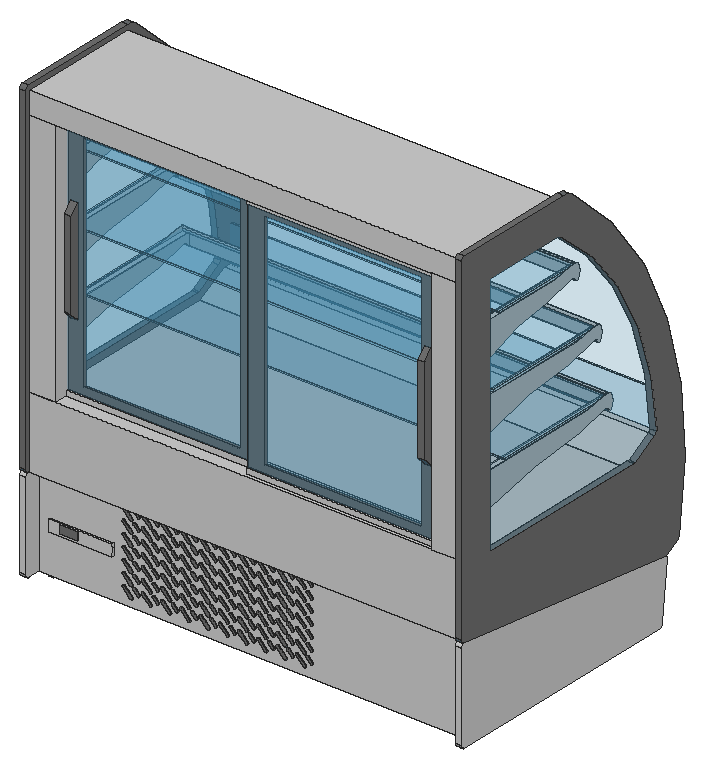
Revit family "QF_INFRICO_VBR12DS_250814114815", category Specialty Equipment, Revit 2021 (continued)
Definition of nested family "QF_INFRICO_VBR12DS_2920"
  Forms (mm)
    Extrusion 68, solid
      sketch origin (1643.376, -765.123, -1.698) x (-1, 0, 0) y (0, 0, 1)
        loop
          line (1112.053, 240.648) -> (1090.133, 218.728)
          arc (1090.133, 218.728) -> (1090.133, 212.364) -> (1096.497, 212.364) r 4.5
        loop
          line (1075.739, 225.335) -> (1087.053, 236.648)
          arc (1087.053, 236.648) -> (1087.053, 243.012) -> (1080.689, 243.012) r 4.5
          line (1080.689, 243.012) -> (1069.376, 231.698)
          arc (1069.376, 231.698) -> (1069.376, 225.335) -> (1075.739, 225.335) r 4.5
        loop
          line (1096.497, 246.364) -> (1118.417, 268.284)
          arc (1118.417, 268.284) -> (1118.417, 274.648) -> (1112.053, 274.648) r 4.5
          line (1112.053, 274.648) -> (1090.133, 252.728)
          arc (1090.133, 252.728) -> (1090.133, 246.364) -> (1096.497, 246.364) r 4.5
        loop
          line (1075.739, 259.335) -> (1087.053, 270.648)
          arc (1087.053, 270.648) -> (1087.053, 277.012) -> (1080.689, 277.012) r 4.5
          line (1080.689, 277.012) -> (1069.376, 265.698)
          arc (1069.376, 265.698) -> (1069.376, 259.335) -> (1075.739, 259.335) r 4.5
        loop
          line (1040.497, 42.364) -> (1062.417, 64.284)
          arc (1062.417, 64.284) -> (1062.417, 70.648) -> (1056.053, 70.648) r 4.5
          line (1056.053, 70.648) -> (1034.133, 48.728)
          arc (1034.133, 48.728) -> (1034.133, 42.364) -> (1040.497, 42.364) r 4.5
        loop
          line (1019.739, 55.335) -> (1031.053, 66.648)
          arc (1031.053, 66.648) -> (1031.053, 73.012) -> (1024.689, 73.012) r 4.5
          line (1024.689, 73.012) -> (1013.376, 61.698)
          arc (1013.376, 61.698) -> (1013.376, 55.335) -> (1019.739, 55.335) r 4.5
        loop
          line (1040.497, 76.364) -> (1062.417, 98.284)
          arc (1062.417, 98.284) -> (1062.417, 104.648) -> (1056.053, 104.648) r 4.5
          line (1056.053, 104.648) -> (1034.133, 82.728)
          arc (1034.133, 82.728) -> (1034.133, 76.364) -> (1040.497, 76.364) r 4.5
        loop
          line (1019.739, 89.335) -> (1031.053, 100.648)
          arc (1031.053, 100.648) -> (1031.053, 107.012) -> (1024.689, 107.012) r 4.5
          line (1024.689, 107.012) -> (1013.376, 95.698)
          arc (1013.376, 95.698) -> (1013.376, 89.335) -> (1019.739, 89.335) r 4.5
        loop
          line (1040.497, 110.364) -> (1062.417, 132.284)
          arc (1062.417, 132.284) -> (1062.417, 138.648) -> (1056.053, 138.648) r 4.5
          line (1056.053, 138.648) -> (1034.133, 116.728)
          arc (1034.133, 116.728) -> (1034.133, 110.364) -> (1040.497, 110.364) r 4.5
        loop
          line (1019.739, 123.335) -> (1031.053, 134.648)
          arc (1031.053, 134.648) -> (1031.053, 141.012) -> (1024.689, 141.012) r 4.5
          line (1024.689, 141.012) -> (1013.376, 129.698)
          arc (1013.376, 129.698) -> (1013.376, 123.335) -> (1019.739, 123.335) r 4.5
        loop
          line (1040.497, 144.364) -> (1062.417, 166.284)
          arc (1062.417, 166.284) -> (1062.417, 172.648) -> (1056.053, 172.648) r 4.5
          line (1056.053, 172.648) -> (1034.133, 150.728)
          arc (1034.133, 150.728) -> (1034.133, 144.364) -> (1040.497, 144.364) r 4.5
        loop
          line (1019.739, 157.335) -> (1031.053, 168.648)
          arc (1031.053, 168.648) -> (1031.053, 175.012) -> (1024.689, 175.012) r 4.5
          line (1024.689, 175.012) -> (1013.376, 163.698)
          arc (1013.376, 163.698) -> (1013.376, 157.335) -> (1019.739, 157.335) r 4.5
        loop
          line (1040.497, 178.364) -> (1062.417, 200.284)
          arc (1062.417, 200.284) -> (1062.417, 206.648) -> (1056.053, 206.648) r 4.5
          line (1056.053, 206.648) -> (1034.133, 184.728)
          arc (1034.133, 184.728) -> (1034.133, 178.364) -> (1040.497, 178.364) r 4.5
        loop
          line (1019.739, 191.335) -> (1031.053, 202.648)
          arc (1031.053, 202.648) -> (1031.053, 209.012) -> (1024.689, 209.012) r 4.5
          line (1024.689, 209.012) -> (1013.376, 197.698)
          arc (1013.376, 197.698) -> (1013.376, 191.335) -> (1019.739, 191.335) r 4.5
        loop
          line (1040.497, 212.364) -> (1062.417, 234.284)
          arc (1062.417, 234.284) -> (1062.417, 240.648) -> (1056.053, 240.648) r 4.5
          line (1056.053, 240.648) -> (1034.133, 218.728)
          arc (1034.133, 218.728) -> (1034.133, 212.364) -> (1040.497, 212.364) r 4.5
        loop
          line (1019.739, 225.335) -> (1031.053, 236.648)
          arc (1031.053, 236.648) -> (1031.053, 243.012) -> (1024.689, 243.012) r 4.5
          line (1024.689, 243.012) -> (1013.376, 231.698)
          arc (1013.376, 231.698) -> (1013.376, 225.335) -> (1019.739, 225.335) r 4.5
        loop
          line (1040.497, 246.364) -> (1062.417, 268.284)
          arc (1062.417, 268.284) -> (1062.417, 274.648) -> (1056.053, 274.648) r 4.5
          line (1056.053, 274.648) -> (1034.133, 252.728)
          arc (1034.133, 252.728) -> (1034.133, 246.364) -> (1040.497, 246.364) r 4.5
        loop
          line (1019.739, 259.335) -> (1031.053, 270.648)
          arc (1031.053, 270.648) -> (1031.053, 277.012) -> (1024.689, 277.012) r 4.5
          line (1024.689, 277.012) -> (1013.376, 265.698)
          arc (1013.376, 265.698) -> (1013.376, 259.335) -> (1019.739, 259.335) r 4.5
        loop
          line (984.497, 42.364) -> (1006.417, 64.284)
          arc (1006.417, 64.284) -> (1006.417, 70.648) -> (1000.053, 70.648) r 4.5
          line (1000.053, 70.648) -> (978.133, 48.728)
          arc (978.133, 48.728) -> (978.133, 42.364) -> (984.497, 42.364) r 4.5
        loop
          line (963.739, 55.335) -> (975.053, 66.648)
          arc (975.053, 66.648) -> (975.053, 73.012) -> (968.689, 73.012) r 4.5
          line (968.689, 73.012) -> (957.376, 61.698)
          arc (957.376, 61.698) -> (957.376, 55.335) -> (963.739, 55.335) r 4.5
        loop
          line (984.497, 76.364) -> (1006.417, 98.284)
          arc (1006.417, 98.284) -> (1006.417, 104.648) -> (1000.053, 104.648) r 4.5
          line (1000.053, 104.648) -> (978.133, 82.728)
          arc (978.133, 82.728) -> (978.133, 76.364) -> (984.497, 76.364) r 4.5
        loop
          line (963.739, 89.335) -> (975.053, 100.648)
          arc (975.053, 100.648) -> (975.053, 107.012) -> (968.689, 107.012) r 4.5
          line (968.689, 107.012) -> (957.376, 95.698)
          arc (957.376, 95.698) -> (957.376, 89.335) -> (963.739, 89.335) r 4.5
        loop
          line (984.497, 110.364) -> (1006.417, 132.284)
          arc (1006.417, 132.284) -> (1006.417, 138.648) -> (1000.053, 138.648) r 4.5
          line (1000.053, 138.648) -> (978.133, 116.728)
          arc (978.133, 116.728) -> (978.133, 110.364) -> (984.497, 110.364) r 4.5
        loop
          line (963.739, 123.335) -> (975.053, 134.648)
          arc (975.053, 134.648) -> (975.053, 141.012) -> (968.689, 141.012) r 4.5
          line (968.689, 141.012) -> (957.376, 129.698)
          arc (957.376, 129.698) -> (957.376, 123.335) -> (963.739, 123.335) r 4.5
        loop
          line (984.497, 144.364) -> (1006.417, 166.284)
          arc (1006.417, 166.284) -> (1006.417, 172.648) -> (1000.053, 172.648) r 4.5
          line (1000.053, 172.648) -> (978.133, 150.728)
          arc (978.133, 150.728) -> (978.133, 144.364) -> (984.497, 144.364) r 4.5
        loop
          line (963.739, 157.335) -> (975.053, 168.648)
          arc (975.053, 168.648) -> (975.053, 175.012) -> (968.689, 175.012) r 4.5
          line (968.689, 175.012) -> (957.376, 163.698)
          arc (957.376, 163.698) -> (957.376, 157.335) -> (963.739, 157.335) r 4.5
        loop
          line (984.497, 178.364) -> (1006.417, 200.284)
          arc (1006.417, 200.284) -> (1006.417, 206.648) -> (1000.053, 206.648) r 4.5
          line (1000.053, 206.648) -> (978.133, 184.728)
          arc (978.133, 184.728) -> (978.133, 178.364) -> (984.497, 178.364) r 4.5
        loop
          line (963.739, 191.335) -> (975.053, 202.648)
          arc (975.053, 202.648) -> (975.053, 209.012) -> (968.689, 209.012) r 4.5
          line (968.689, 209.012) -> (957.376, 197.698)
          arc (957.376, 197.698) -> (957.376, 191.335) -> (963.739, 191.335) r 4.5
        loop
          line (984.497, 212.364) -> (1006.417, 234.284)
          arc (1006.417, 234.284) -> (1006.417, 240.648) -> (1000.053, 240.648) r 4.5
          line (1000.053, 240.648) -> (978.133, 218.728)
          arc (978.133, 218.728) -> (978.133, 212.364) -> (984.497, 212.364) r 4.5
        loop
          line (963.739, 225.335) -> (975.053, 236.648)
          arc (975.053, 236.648) -> (975.053, 243.012) -> (968.689, 243.012) r 4.5
          line (968.689, 243.012) -> (957.376, 231.698)
          arc (957.376, 231.698) -> (957.376, 225.335) -> (963.739, 225.335) r 4.5
        loop
          line (984.497, 246.364) -> (1006.417, 268.284)
          arc (1006.417, 268.284) -> (1006.417, 274.648) -> (1000.053, 274.648) r 4.5
          line (1000.053, 274.648) -> (978.133, 252.728)
          arc (978.133, 252.728) -> (978.133, 246.364) -> (984.497, 246.364) r 4.5
        loop
          line (963.739, 259.335) -> (975.053, 270.648)
          arc (975.053, 270.648) -> (975.053, 277.012) -> (968.689, 277.012) r 4.5
          line (968.689, 277.012) -> (957.376, 265.698)
          arc (957.376, 265.698) -> (957.376, 259.335) -> (963.739, 259.335) r 4.5
        loop
          line (928.497, 42.364) -> (950.417, 64.284)
          arc (950.417, 64.284) -> (950.417, 70.648) -> (944.053, 70.648) r 4.5
          line (944.053, 70.648) -> (922.133, 48.728)
          arc (922.133, 48.728) -> (922.133, 42.364) -> (928.497, 42.364) r 4.5
        loop
          line (907.739, 55.335) -> (919.053, 66.648)
          arc (919.053, 66.648) -> (919.053, 73.012) -> (912.689, 73.012) r 4.5
          line (912.689, 73.012) -> (901.376, 61.698)
          arc (901.376, 61.698) -> (901.376, 55.335) -> (907.739, 55.335) r 4.5
        loop
          line (928.497, 76.364) -> (950.417, 98.284)
          arc (950.417, 98.284) -> (950.417, 104.648) -> (944.053, 104.648) r 4.5
          line (944.053, 104.648) -> (922.133, 82.728)
          arc (922.133, 82.728) -> (922.133, 76.364) -> (928.497, 76.364) r 4.5
        loop
          line (907.739, 89.335) -> (919.053, 100.648)
          arc (919.053, 100.648) -> (919.053, 107.012) -> (912.689, 107.012) r 4.5
          line (912.689, 107.012) -> (901.376, 95.698)
          arc (901.376, 95.698) -> (901.376, 89.335) -> (907.739, 89.335) r 4.5
        loop
          line (928.497, 110.364) -> (950.417, 132.284)
          arc (950.417, 132.284) -> (950.417, 138.648) -> (944.053, 138.648) r 4.5
          line (944.053, 138.648) -> (922.133, 116.728)
          arc (922.133, 116.728) -> (922.133, 110.364) -> (928.497, 110.364) r 4.5
        loop
          line (907.739, 123.335) -> (919.053, 134.648)
          arc (919.053, 134.648) -> (919.053, 141.012) -> (912.689, 141.012) r 4.5
          line (912.689, 141.012) -> (901.376, 129.698)
          arc (901.376, 129.698) -> (901.376, 123.335) -> (907.739, 123.335) r 4.5
        loop
          line (928.497, 144.364) -> (950.417, 166.284)
          arc (950.417, 166.284) -> (950.417, 172.648) -> (944.053, 172.648) r 4.5
          line (944.053, 172.648) -> (922.133, 150.728)
          arc (922.133, 150.728) -> (922.133, 144.364) -> (928.497, 144.364) r 4.5
        loop
          line (907.739, 157.335) -> (919.053, 168.648)
          arc (919.053, 168.648) -> (919.053, 175.012) -> (912.689, 175.012) r 4.5
          line (912.689, 175.012) -> (901.376, 163.698)
          arc (901.376, 163.698) -> (901.376, 157.335) -> (907.739, 157.335) r 4.5
        loop
          line (928.497, 178.364) -> (950.417, 200.284)
          arc (950.417, 200.284) -> (950.417, 206.648) -> (944.053, 206.648) r 4.5
          line (944.053, 206.648) -> (922.133, 184.728)
          arc (922.133, 184.728) -> (922.133, 178.364) -> (928.497, 178.364) r 4.5
        loop
          line (907.739, 191.335) -> (919.053, 202.648)
          arc (919.053, 202.648) -> (919.053, 209.012) -> (912.689, 209.012) r 4.5
          line (912.689, 209.012) -> (901.376, 197.698)
          arc (901.376, 197.698) -> (901.376, 191.335) -> (907.739, 191.335) r 4.5
        loop
          line (928.497, 212.364) -> (950.417, 234.284)
          arc (950.417, 234.284) -> (950.417, 240.648) -> (944.053, 240.648) r 4.5
          line (944.053, 240.648) -> (922.133, 218.728)
          arc (922.133, 218.728) -> (922.133, 212.364) -> (928.497, 212.364) r 4.5
        loop
          line (907.739, 225.335) -> (919.053, 236.648)
          arc (919.053, 236.648) -> (919.053, 243.012) -> (912.689, 243.012) r 4.5
          line (912.689, 243.012) -> (901.376, 231.698)
          arc (901.376, 231.698) -> (901.376, 225.335) -> (907.739, 225.335) r 4.5
        loop
          line (928.497, 246.364) -> (950.417, 268.284)
          arc (950.417, 268.284) -> (950.417, 274.648) -> (944.053, 274.648) r 4.5
          line (944.053, 274.648) -> (922.133, 252.728)
          arc (922.133, 252.728) -> (922.133, 246.364) -> (928.497, 246.364) r 4.5
        loop
          line (907.739, 259.335) -> (919.053, 270.648)
          arc (919.053, 270.648) -> (919.053, 277.012) -> (912.689, 277.012) r 4.5
          line (912.689, 277.012) -> (901.376, 265.698)
          arc (901.376, 265.698) -> (901.376, 259.335) -> (907.739, 259.335) r 4.5
        loop
          line (872.497, 42.364) -> (894.417, 64.284)
          arc (894.417, 64.284) -> (894.417, 70.648) -> (888.053, 70.648) r 4.5
          line (888.053, 70.648) -> (866.133, 48.728)
          arc (866.133, 48.728) -> (866.133, 42.364) -> (872.497, 42.364) r 4.5
        loop
          line (851.739, 55.335) -> (863.053, 66.648)
          arc (863.053, 66.648) -> (863.053, 73.012) -> (856.689, 73.012) r 4.5
          line (856.689, 73.012) -> (845.376, 61.698)
          arc (845.376, 61.698) -> (845.376, 55.335) -> (851.739, 55.335) r 4.5
        loop
          line (872.497, 76.364) -> (894.417, 98.284)
          arc (894.417, 98.284) -> (894.417, 104.648) -> (888.053, 104.648) r 4.5
          line (888.053, 104.648) -> (866.133, 82.728)
          arc (866.133, 82.728) -> (866.133, 76.364) -> (872.497, 76.364) r 4.5
        loop
          line (851.739, 89.335) -> (863.053, 100.648)
          arc (863.053, 100.648) -> (863.053, 107.012) -> (856.689, 107.012) r 4.5
          line (856.689, 107.012) -> (845.376, 95.698)
          arc (845.376, 95.698) -> (845.376, 89.335) -> (851.739, 89.335) r 4.5
        loop
          line (872.497, 110.364) -> (894.417, 132.284)
          arc (894.417, 132.284) -> (894.417, 138.648) -> (888.053, 138.648) r 4.5
          line (888.053, 138.648) -> (866.133, 116.728)
          arc (866.133, 116.728) -> (866.133, 110.364) -> (872.497, 110.364) r 4.5
        loop
          line (851.739, 123.335) -> (863.053, 134.648)
          arc (863.053, 134.648) -> (863.053, 141.012) -> (856.689, 141.012) r 4.5
          line (856.689, 141.012) -> (845.376, 129.698)
          arc (845.376, 129.698) -> (845.376, 123.335) -> (851.739, 123.335) r 4.5
        loop
          line (872.497, 144.364) -> (894.417, 166.284)
          arc (894.417, 166.284) -> (894.417, 172.648) -> (888.053, 172.648) r 4.5
          line (888.053, 172.648) -> (866.133, 150.728)
          arc (866.133, 150.728) -> (866.133, 144.364) -> (872.497, 144.364) r 4.5
        loop
          line (851.739, 157.335) -> (863.053, 168.648)
          arc (863.053, 168.648) -> (863.053, 175.012) -> (856.689, 175.012) r 4.5
          line (856.689, 175.012) -> (845.376, 163.698)
          arc (845.376, 163.698) -> (845.376, 157.335) -> (851.739, 157.335) r 4.5
        loop
          line (872.497, 178.364) -> (894.417, 200.284)
          arc (894.417, 200.284) -> (894.417, 206.648) -> (888.053, 206.648) r 4.5
          line (888.053, 206.648) -> (866.133, 184.728)
          arc (866.133, 184.728) -> (866.133, 178.364) -> (872.497, 178.364) r 4.5
        loop
          line (851.739, 191.335) -> (863.053, 202.648)
          arc (863.053, 202.648) -> (863.053, 209.012) -> (856.689, 209.012) r 4.5
          line (856.689, 209.012) -> (845.376, 197.698)
          arc (845.376, 197.698) -> (845.376, 191.335) -> (851.739, 191.335) r 4.5
        loop
          line (872.497, 212.364) -> (894.417, 234.284)
          arc (894.417, 234.284) -> (894.417, 240.648) -> (888.053, 240.648) r 4.5
          line (888.053, 240.648) -> (866.133, 218.728)
          arc (866.133, 218.728) -> (866.133, 212.364) -> (872.497, 212.364) r 4.5
        loop
          line (851.739, 225.335) -> (863.053, 236.648)
          arc (863.053, 236.648) -> (863.053, 243.012) -> (856.689, 243.012) r 4.5
          line (856.689, 243.012) -> (845.376, 231.698)
          arc (845.376, 231.698) -> (845.376, 225.335) -> (851.739, 225.335) r 4.5
        loop
          line (872.497, 246.364) -> (894.417, 268.284)
          arc (894.417, 268.284) -> (894.417, 274.648) -> (888.053, 274.648) r 4.5
          line (888.053, 274.648) -> (866.133, 252.728)
          arc (866.133, 252.728) -> (866.133, 246.364) -> (872.497, 246.364) r 4.5
        loop
          line (851.739, 259.335) -> (863.053, 270.648)
          arc (863.053, 270.648) -> (863.053, 277.012) -> (856.689, 277.012) r 4.5
          line (856.689, 277.012) -> (845.376, 265.698)
          arc (845.376, 265.698) -> (845.376, 259.335) -> (851.739, 259.335) r 4.5
      from 0 to 2
    Extrusion 69, solid
      sketch origin (-1164.261, -765.023, -465.555) x (1, 0, 0) y (0, 0, 1)
        loop
          arc (1199.261, 600.555) -> (1290.761, 599.555) -> (1382.261, 600.555) r 4186.625
          arc (1382.261, 600.555) -> (1383.261, 617.555) -> (1382.261, 634.555) r 145
          arc (1382.261, 634.555) -> (1290.761, 635.555) -> (1199.261, 634.555) r 4186.625
          arc (1199.261, 634.555) -> (1198.261, 617.555) -> (1199.261, 600.555) r 145
      from 0 to 5
    Extrusion 70, solid
      sketch origin (-1145.261, -768.123, -465.555) x (1, 0, 0) y (0, 0, 1)
        loop
          line (1212.261, 629.555) -> (1212.261, 605.555) -> (1262.261, 605.555) -> (1262.261, 629.555) -> (1212.261, 629.555)
      from 0 to 2
    Extrusion 71, solid, visible <- "Show Logo"
      sketch origin (1362.72, -52.93, -305.042) x (-1, 0, 0) y (0, -0.045615, -0.998959)
        loop
          line (1208.799, -696.53) -> (1204.173, -696.53) -> (1204.173, -719.204) -> (1208.799, -719.204) -> (1208.799, -696.53)
        loop
          arc (1214.779, -713.006) -> (1215.36, -712.765) -> (1215.601, -712.184) r 0.822
          line (1215.601, -712.184) -> (1215.669, -711.361)
          arc (1215.669, -711.361) -> (1218.282, -712.674) -> (1221.141, -713.281) r 11.435
          arc (1221.141, -713.281) -> (1224.637, -712.075) -> (1226.121, -708.689) r 4.607
          line (1226.121, -708.689) -> (1226.121, -696.53) -> (1221.598, -696.53) -> (1221.598, -707.557)
          arc (1221.598, -707.557) -> (1220.929, -708.961) -> (1219.417, -709.324) r 1.806
          arc (1219.417, -709.324) -> (1217.528, -708.741) -> (1215.772, -707.832) r 11.052
          line (1215.772, -707.832) -> (1215.772, -696.53) -> (1211.283, -696.53) -> (1211.283, -713.006) -> (1214.779, -713.006)
        loop
          line (1238.557, -720.102) -> (1238.557, -717.255)
          arc (1238.557, -717.255) -> (1238.306, -716.65) -> (1237.7, -716.399) r 0.857
          line (1237.7, -716.399) -> (1236.045, -716.271)
          arc (1236.045, -716.271) -> (1234.956, -715.705) -> (1234.547, -714.548) r 1.67
          line (1234.547, -714.548) -> (1234.547, -712.938) -> (1238.249, -712.938) -> (1238.249, -709.374) -> (1234.547, -709.374) -> (1234.547, -696.53) -> (1230.024, -696.53) -> (1230.024, -709.374) -> (1227.351, -709.374) -> (1227.351, -712.703) -> (1230.024, -712.909) -> (1230.024, -715.062)
          arc (1230.024, -715.062) -> (1230.805, -717.616) -> (1232.881, -719.297) r 4.567
          arc (1232.881, -719.297) -> (1235.052, -719.926) -> (1237.306, -720.102) r 11.103
          line (1237.306, -720.102) -> (1238.557, -720.102)
        loop
          line (1239.479, -713.006) -> (1243.726, -713.006) -> (1243.899, -710.984)
          arc (1243.899, -710.984) -> (1246.197, -712.588) -> (1248.912, -713.28) r 7.833
          arc (1248.912, -713.28) -> (1249.531, -713.061) -> (1249.793, -712.458) r 0.824
          line (1249.793, -712.458) -> (1249.793, -710.265)
          arc (1249.793, -710.265) -> (1249.643, -709.758) -> (1249.241, -709.416) r 0.928
          line (1249.241, -709.416) -> (1248.077, -709.268)
          arc (1248.077, -709.268) -> (1245.873, -708.631) -> (1243.968, -707.352) r 7.435
          line (1243.968, -707.352) -> (1243.968, -696.53) -> (1239.479, -696.53) -> (1239.479, -713.006)
        loop
          line (1255.495, -696.53) -> (1251.006, -696.53) -> (1251.006, -713.006) -> (1255.495, -713.006) -> (1255.495, -696.53)
        loop
          line (1257.421, -701.327) -> (1257.421, -708.243)
          arc (1257.421, -708.243) -> (1258.571, -711.349) -> (1261.466, -712.959) r 4.772
          arc (1261.466, -712.959) -> (1264.493, -713.294) -> (1267.521, -712.959) r 13.851
          arc (1267.521, -712.959) -> (1270.524, -710.556) -> (1271.505, -706.838) r 6.132
          line (1271.505, -706.838) -> (1267.187, -706.838) -> (1267.187, -707.9)
          arc (1267.187, -707.9) -> (1266.64, -709.118) -> (1265.442, -709.705) r 1.965
          arc (1265.442, -709.705) -> (1264.547, -709.754) -> (1263.653, -709.705) r 8.196
          arc (1263.653, -709.705) -> (1262.417, -709.155) -> (1261.91, -707.9) r 1.806
          line (1261.91, -707.9) -> (1261.91, -701.67)
          arc (1261.91, -701.67) -> (1262.417, -700.415) -> (1263.653, -699.865) r 1.806
          arc (1263.653, -699.865) -> (1264.547, -699.816) -> (1265.442, -699.865) r 8.196
          arc (1265.442, -699.865) -> (1266.64, -700.452) -> (1267.187, -701.67) r 1.965
          line (1267.187, -701.67) -> (1267.187, -703.041) -> (1271.505, -703.041)
          arc (1271.505, -703.041) -> (1270.575, -699.134) -> (1267.521, -696.525) r 6.481
          arc (1267.521, -696.525) -> (1264.493, -696.266) -> (1261.466, -696.525) r 17.816
          arc (1261.466, -696.525) -> (1258.567, -698.188) -> (1257.421, -701.327) r 4.873
        loop
          line (1272.916, -701.329) -> (1272.916, -708.242)
          arc (1272.916, -708.242) -> (1273.993, -711.226) -> (1276.726, -712.837) r 4.676
          arc (1276.726, -712.837) -> (1278.515, -713.116) -> (1280.318, -713.28) r 28.371
          arc (1280.318, -713.28) -> (1282.122, -713.116) -> (1283.911, -712.837) r 28.371
          arc (1283.911, -712.837) -> (1286.644, -711.226) -> (1287.72, -708.242) r 4.676
          line (1287.72, -708.242) -> (1287.72, -701.329)
          arc (1287.72, -701.329) -> (1286.644, -698.345) -> (1283.911, -696.734) r 4.676
          arc (1283.911, -696.734) -> (1282.122, -696.455) -> (1280.318, -696.291) r 28.371
          arc (1280.318, -696.291) -> (1278.515, -696.455) -> (1276.726, -696.734) r 28.371
          arc (1276.726, -696.734) -> (1273.993, -698.345) -> (1272.916, -701.329) r 4.676
        loop
          arc (1277.405, -707.866) -> (1277.844, -709.015) -> (1278.936, -709.58) r 1.725
          arc (1278.936, -709.58) -> (1279.627, -709.653) -> (1280.318, -709.716) r 46.133
          arc (1280.318, -709.716) -> (1281.01, -709.653) -> (1281.701, -709.58) r 46.133
          arc (1281.701, -709.58) -> (1282.793, -709.015) -> (1283.231, -707.866) r 1.725
          line (1283.231, -707.866) -> (1283.231, -701.705)
          arc (1283.231, -701.705) -> (1282.793, -700.556) -> (1281.701, -699.991) r 1.725
          arc (1281.701, -699.991) -> (1281.01, -699.918) -> (1280.318, -699.856) r 46.133
          arc (1280.318, -699.856) -> (1279.627, -699.918) -> (1278.936, -699.991) r 46.133
          arc (1278.936, -699.991) -> (1277.844, -700.556) -> (1277.405, -701.705) r 1.725
          line (1277.405, -701.705) -> (1277.405, -707.866)
        loop
          line (1190.339, -696.543) -> (1170.042, -696.543)
          arc (1170.042, -696.543) -> (1168.969, -696.987) -> (1168.525, -698.059) r 1.516
          line (1168.525, -698.059) -> (1168.525, -703.891) -> (1164.346, -703.891)
          arc (1164.346, -703.891) -> (1163.591, -704.121) -> (1163.163, -704.782) r 1.147
          line (1163.163, -704.782) -> (1163.163, -706.211)
          arc (1163.163, -706.211) -> (1163.594, -707.258) -> (1164.662, -707.634) r 1.385
          line (1164.662, -707.634) -> (1165.861, -707.634) -> (1163.163, -710.332)
          arc (1163.163, -710.332) -> (1162.776, -711.266) -> (1163.163, -712.2) r 1.321
          line (1163.163, -712.2) -> (1163.886, -712.923)
          arc (1163.886, -712.923) -> (1164.841, -713.338) -> (1165.823, -712.991) r 1.422
          line (1165.823, -712.991) -> (1168.528, -710.286) -> (1168.528, -711.479)
          arc (1168.528, -711.479) -> (1168.938, -712.516) -> (1169.946, -712.992) r 1.516
          line (1169.946, -712.992) -> (1170.867, -712.992)
          arc (1170.867, -712.992) -> (1171.87, -712.514) -> (1172.278, -711.479) r 1.516
          line (1172.278, -711.479) -> (1172.278, -706.83) -> (1178.308, -701.336) -> (1178.308, -707.509) -> (1174.742, -711.075)
          arc (1174.742, -711.075) -> (1174.328, -712.073) -> (1174.742, -713.071) r 1.412
          line (1174.742, -713.071) -> (1175.394, -713.723)
          arc (1175.394, -713.723) -> (1176.442, -714.141) -> (1177.466, -713.667) r 1.428
          line (1177.466, -713.667) -> (1178.308, -712.825) -> (1178.308, -717.784)
          arc (1178.308, -717.784) -> (1178.723, -718.787) -> (1179.726, -719.203) r 1.418
          line (1179.726, -719.203) -> (1180.655, -719.203)
          arc (1180.655, -719.203) -> (1181.658, -718.787) -> (1182.073, -717.784) r 1.418
          line (1182.073, -717.784) -> (1182.073, -712.825) -> (1182.915, -713.667)
          arc (1182.915, -713.667) -> (1183.939, -714.141) -> (1184.987, -713.723) r 1.428
          line (1184.987, -713.723) -> (1185.639, -713.071)
          arc (1185.639, -713.071) -> (1186.053, -712.073) -> (1185.639, -711.075) r 1.412
          line (1185.639, -711.075) -> (1182.073, -707.509) -> (1182.073, -701.336) -> (1188.103, -706.83) -> (1188.103, -711.479)
          arc (1188.103, -711.479) -> (1188.511, -712.514) -> (1189.514, -712.992) r 1.516
          line (1189.514, -712.992) -> (1190.435, -712.992)
          arc (1190.435, -712.992) -> (1191.443, -712.516) -> (1191.853, -711.479) r 1.516
          line (1191.853, -711.479) -> (1191.853, -710.286) -> (1194.558, -712.991)
          arc (1194.558, -712.991) -> (1195.54, -713.338) -> (1196.495, -712.923) r 1.422
          line (1196.495, -712.923) -> (1197.218, -712.2)
          arc (1197.218, -712.2) -> (1197.605, -711.266) -> (1197.218, -710.332) r 1.321
          line (1197.218, -710.332) -> (1194.52, -707.634) -> (1195.719, -707.634)
          arc (1195.719, -707.634) -> (1196.787, -707.258) -> (1197.218, -706.211) r 1.385
          line (1197.218, -706.211) -> (1197.218, -704.782)
          arc (1197.218, -704.782) -> (1196.79, -704.121) -> (1196.035, -703.891) r 1.147
          line (1196.035, -703.891) -> (1191.856, -703.891) -> (1191.856, -698.059)
          arc (1191.856, -698.059) -> (1191.411, -696.987) -> (1190.339, -696.543) r 1.516
      from 0 to 2
    Extrusion 72, solid
      sketch origin (-1000, 0, 479) x (1, 0, 0) y (0, 1, 0)
        loop
          line (1000, -699.023) -> (1050, -699.023) -> (1050, -739.023) -> (2200, -739.023) -> (2200, -699.023) -> (2250, -699.023) -> (2250, -688.023) -> (1000, -688.023) -> (1000, -699.023)
      from 0 to 2
    Extrusion 73, solid
      sketch origin (0, 0, 0) x (0, 1, 0) y (0, 0, 1)
        loop
          line (-688.023, 479) -> (-690.023, 479) -> (-690.023, 448) -> (-688.023, 448) -> (-688.023, 479)
      from 0 to 1250
    Extrusion 74, solid
      sketch origin (1140, 0, 0) x (0, 1, 0) y (0, 0, 1)
        loop
          line (-786.023, 708.5) -> (-786.023, 1015.5) -> (-810, 989.525) -> (-810, 734.5) -> (-786.023, 708.5)
      from 0 to 19
    Extrusion 75, solid
      sketch origin (110, 26, 0) x (0, 1, 0) y (0, 0, -1)
        loop
          line (-786.023, -708.5) -> (-810, -734.5) -> (-810, -989.525) -> (-786.023, -1015.5) -> (-786.023, -708.5)
      from 0 to 19
    Extrusion 76, solid
      sketch origin (-1186.261, -424.423, 613.945) x (1, 0, 0) y (0, 0, -1)
        loop
          line (1212.261, -629.555) -> (1262.261, -629.555) -> (1262.261, -605.555) -> (1212.261, -605.555) -> (1212.261, -629.555)
      from 0 to 2
    Extrusion 77, solid
      sketch origin (-32, 0, 0) x (0, 1, 0) y (0, 0, 1)
        loop
          line (-422.523, 1219.5) -> (-422.523, 1243.5)
          arc (-422.523, 1243.5) -> (-423.255, 1245.268) -> (-425.023, 1246) r 2.5
          line (-425.023, 1246) -> (-425.023, 1217)
          arc (-425.023, 1217) -> (-423.255, 1217.732) -> (-422.523, 1219.5) r 2.5
      from 44 to 122
    Extrusion 78, solid
      sketch origin (0, 0, 0) x (0, 1, 0) y (0, 0, 1)
        loop
          line (-466.023, 1276) -> (-511.023, 1276) -> (-511.023, 1220) -> (-466.023, 1220) -> (-466.023, 1276)
      from 0 to 1250
    Extrusion 79, solid
      sketch origin (0, 0, 39) x (0, 1, 0) y (0, 0, 1)
        loop
          line (-493.523, 1181) -> (-493.523, 1156)
          arc (-493.523, 1156) -> (-492.937, 1154.586) -> (-491.523, 1154) r 2
          line (-491.523, 1154) -> (-485.523, 1154)
          arc (-485.523, 1154) -> (-484.109, 1154.586) -> (-483.523, 1156) r 2
          line (-483.523, 1156) -> (-483.523, 1181) -> (-493.523, 1181)
      from 0 to 1250
    Extrusion 80, solid
      sketch origin (590, 0, 39) x (0, 1, 0) y (0, 0, 1)
        loop
          line (-485.523, 1137) -> (-482.523, 1137) -> (-482.523, 1122) -> (-461.523, 1122)
          arc (-461.523, 1122) -> (-457.523, 1126) -> (-461.523, 1130) r 4
          line (-461.523, 1130) -> (-474.523, 1130) -> (-474.523, 1147) -> (-485.523, 1147) -> (-485.523, 1137)
      from 0 to 70
    Extrusion 81, solid
      sketch origin (585, 0, 39) x (0, 1, 0) y (0, 0, 1)
        loop
          line (-461.523, 1130) -> (-474.523, 1130) -> (-474.523, 1147) -> (-485.523, 1147) -> (-485.523, 1154) -> (-491.523, 1154) -> (-491.523, 1137) -> (-482.523, 1137) -> (-482.523, 1122) -> (-461.523, 1122)
          arc (-461.523, 1122) -> (-457.523, 1126) -> (-461.523, 1130) r 4
      from 0 to 5
    Extrusion 82, solid
      sketch origin (660, 0, 39) x (0, 1, 0) y (0, 0, 1)
        loop
          line (-485.523, 1147) -> (-485.523, 1154) -> (-491.523, 1154) -> (-491.523, 1137) -> (-482.523, 1137) -> (-482.523, 1122) -> (-461.523, 1122)
          arc (-461.523, 1122) -> (-457.523, 1126) -> (-461.523, 1130) r 4
          line (-461.523, 1130) -> (-474.523, 1130) -> (-474.523, 1147) -> (-485.523, 1147)
      from 0 to 5
    Extrusion 83, solid
      sketch origin (595, 0, 0) x (0, 1, 0) y (0, 0, 1)
        loop
          line (-457.523, 1161) -> (-470.523, 1161) -> (-470.523, 1158) -> (-454.523, 1158) -> (-454.523, 1174) -> (-457.523, 1174) -> (-457.523, 1161)
      from 0 to 60
  Cuts and joins
    joined: Extrusion 72, Extrusion 73
  Lines and regions (mm)
    symbolic lines
      curve 1: line (1250, -800.023, 0) -> (1250, -810, 0)
      curve 2: line (1250, -810, 0) -> (1268, -810, 0)
      curve 3: line (1268, -810, 0) -> (1268, 0, 0)
      curve 4: line (1268, 0, 0) -> (1250, 0, 0)
      curve 5: line (1250, 0, 0) -> (1250, -18.791, 0)
      curve 6: line (1250, -18.791, 0) -> (0, -18.791, 0)
      curve 7: line (0, -18.791, 0) -> (0, 0, 0)
      curve 8: line (0, 0, 0) -> (-18, 0, 0)
      curve 9: line (-18, 0, 0) -> (-18, -810, 0)
      curve 10: line (-18, -810, 0) -> (0, -810, 0)
      curve 11: line (0, -810, 0) -> (0, -800.023, 0)
      curve 12: line (0, -800.023, 0) -> (1250, -800.023, 0)
      curve 13: line (0, -18.791, 0) -> (0, -800.023, 0)
      curve 14: line (1250, -800.023, 0) -> (1250, -18.791, 0)
      curve 15: line (1250, -49.195, 0) -> (0, -49.195, 0)
      curve 16: line (1250, -62.023, 0) -> (0, -62.023, 0)
      curve 17: line (0, -68.023, 0) -> (1250, -68.023, 0)
      curve 18: line (1250, -90.023, 0) -> (0, -90.023, 0)
      curve 19: line (0, -181.023, 0) -> (1250, -181.023, 0)
      curve 20: line (3, -236.023, 0) -> (3, -425.023, 0)
      curve 21: line (1250, -425.023, 0) -> (0, -425.023, 0)
      curve 22: line (1247, -425.023, 0) -> (1247, -236.023, 0)
      curve 23: line (3, -236.023, 0) -> (1247, -236.023, 0)
      curve 24: line (3, -356.023, 0) -> (1247, -356.023, 0)
      curve 25: line (3, -276.023, 0) -> (1247, -276.023, 0)
  Dimensions and locks
    plane 1 "Back" to plane 5 "Front" = 810 mm  (x2)
    plane 3 "Left" to plane 4 "Right" = 1250 mm
    plane 6 "Top" to level = 1300 mm  (x2)
    plane 4 "Right" to plane 3 "Left" = 1250 mm
    aligned and locked: level to plane 2
Definition of nested family "CONN_POINT_ELE_2D___Generic_Annotation"
  Parameters (values of type "CONN_POINT_ELE_2D___Generic_Annotation")
    Onboard connection annotation symbol visibility [instance] = yes
  Reference planes
    plane 1: y = 0
    plane 2: x = 0
  Lines and regions (mm)
    detail lines, visible <- "Onboard connection annotation symbol visibility"
      curve 1: circle (0, 0, 0) r 0.5 normal (0, 0, 1)
      curve 2: line (-1, 0, 0) -> (1, 0, 0)
      curve 3: line (0, 1, 0) -> (0, -1, 0)
      curve 4: line (2.5, 1, 0) -> (1.25, 1, 0)
      curve 5: line (1.25, 1, 0) -> (1.25, -1, 0)
      curve 6: line (1.25, -1, 0) -> (2.5, -1, 0)
      curve 7: line (1.25, 0, 0) -> (2, 0, 0)
